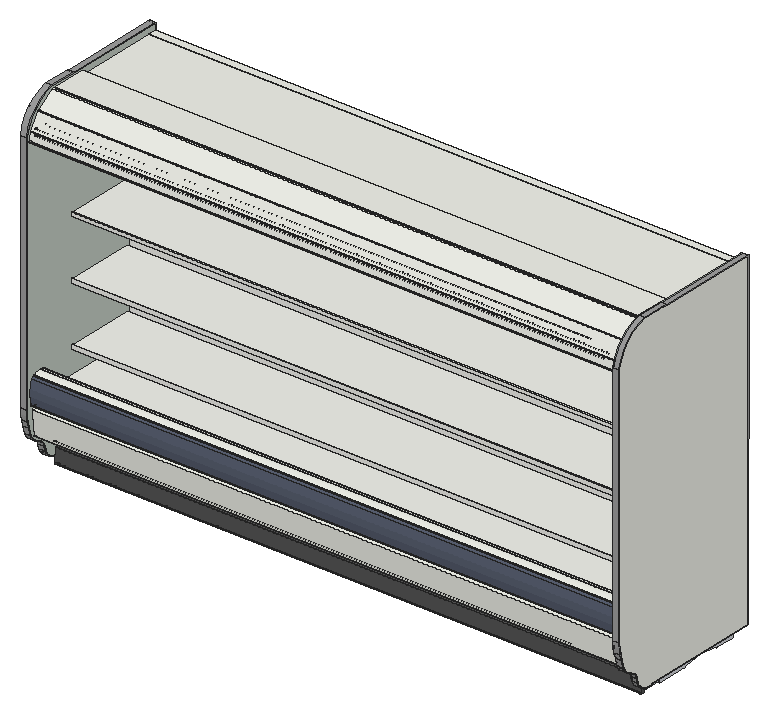
Revit family "ID5NM_2014", category Specialty Equipment, Revit 2014 (continued)
Automatic sketch dimensions
  Extrusion 13 sketch curve to Extrusion 13 sketch curve = 4.20045"
  plane 12 to Extrusion 13 sketch curve = 5.74534"
  plane 12 to Extrusion 13 sketch curve = 7.76404"
  plane 3 "Top" to Extrusion 13 sketch curve = 0.98375"
  plane 3 "Top" to Extrusion 13 sketch curve = 0.79375"
  plane 5 "Front" to Extrusion 13 sketch curve = 1.98246"
  Extrusion 13 sketch curve to Extrusion 13 sketch curve = 0.35556"
  plane 5 "Front" to Extrusion 13 sketch curve = 7.08077"
  Extrusion 13 sketch curve to Extrusion 13 sketch curve = 1.06243"
  Extrusion 13 sketch curve to Extrusion 13 sketch curve = 6.35336"
  Extrusion 13 sketch curve to Extrusion 13 sketch curve = 1.05757"
  Extrusion 13 sketch curve to Extrusion 13 sketch curve = 6.58817"
  Extrusion 13 sketch curve to plane 1 "Back" = 0.2655"
  Extrusion 14 sketch curve to plane 5 "Front" = 0"
  level to Extrusion 14 sketch curve = 1.97125"
  Extrusion 14 sketch curve to Extrusion 14 sketch curve = 0.19"
  Extrusion 14 sketch curve to Extrusion 14 sketch curve = 2.09693"
  Extrusion 14 sketch curve to Extrusion 14 sketch curve = 0.481"
  Extrusion 14 sketch curve to Extrusion 14 sketch curve = 2.99475"
  Extrusion 14 sketch curve to Extrusion 14 sketch curve = 1.25271"
  plane 5 "Front" to Extrusion 14 sketch curve = 3.3026"
  Extrusion 14 sketch curve to Extrusion 14 sketch curve = 1.72733"
  plane 5 "Front" to Extrusion 14 sketch curve = 2.03842"
  Extrusion 14 sketch curve to Extrusion 14 sketch curve = 0.66781"
  plane 5 "Front" to Extrusion 14 sketch curve = 0.52153"
  Extrusion 14 sketch curve to Extrusion 14 sketch curve = 1.63996"
  Extrusion 14 sketch curve to Extrusion 14 sketch curve = 1.33531"
  Extrusion 14 sketch curve to Extrusion 14 sketch curve = 2.00603"
  Extrusion 14 sketch curve to plane 11 = 8.70553"
  Extrusion 14 sketch curve to plane 5 "Front" = 0.7745"
  Extrusion 14 sketch curve to Extrusion 14 sketch curve = 4.20045"
  plane 12 to Extrusion 14 sketch curve = 5.74534"
  plane 12 to Extrusion 14 sketch curve = 7.76404"
  plane 3 "Top" to Extrusion 14 sketch curve = 0.98375"
  plane 3 "Top" to Extrusion 14 sketch curve = 0.79375"
  plane 5 "Front" to Extrusion 14 sketch curve = 1.98246"
  Extrusion 14 sketch curve to Extrusion 14 sketch curve = 0.35556"
  plane 5 "Front" to Extrusion 14 sketch curve = 7.08077"
  Extrusion 14 sketch curve to Extrusion 14 sketch curve = 1.06243"
  Extrusion 14 sketch curve to Extrusion 14 sketch curve = 6.35336"
  Extrusion 14 sketch curve to Extrusion 14 sketch curve = 1.05757"
  Extrusion 14 sketch curve to Extrusion 14 sketch curve = 6.58817"
  Extrusion 14 sketch curve to plane 1 "Back" = 0.2655"
  Sweep 15 sketch curve to plane 5 "Front" = 0"
  level to Sweep 15 sketch curve = 1.97125"
  Sweep 15 sketch curve to Sweep 15 sketch curve = 0.19"
  Sweep 15 sketch curve to Sweep 15 sketch curve = 2.09693"
  Sweep 15 sketch curve to Sweep 15 sketch curve = 0.481"
  Sweep 15 sketch curve to Sweep 15 sketch curve = 2.99475"
  Sweep 15 sketch curve to Sweep 15 sketch curve = 1.25271"
  plane 5 "Front" to Sweep 15 sketch curve = 3.3026"
  Sweep 15 sketch curve to Sweep 15 sketch curve = 1.72733"
  plane 5 "Front" to Sweep 15 sketch curve = 2.03842"
  Sweep 15 sketch curve to Sweep 15 sketch curve = 0.66781"
  plane 5 "Front" to Sweep 15 sketch curve = 0.52153"
  Sweep 15 sketch curve to Sweep 15 sketch curve = 1.63996"
  Sweep 15 sketch curve to Sweep 15 sketch curve = 2.97528"
  Sweep 15 sketch curve to Sweep 15 sketch curve = 2.00603"
  Sweep 15 sketch curve to plane 11 = 8.70553"
  Sweep 15 sketch curve to plane 5 "Front" = 0.7745"
  Sweep 15 sketch curve to Sweep 15 sketch curve = 4.20045"
  plane 12 to Sweep 15 sketch curve = 5.74534"
  plane 12 to Sweep 15 sketch curve = 7.76404"
  plane 3 "Top" to Sweep 15 sketch curve = 0.98375"
  plane 3 "Top" to Sweep 15 sketch curve = 0.79375"
  plane 5 "Front" to Sweep 15 sketch curve = 1.98246"
  Sweep 15 sketch curve to Sweep 15 sketch curve = 0.35556"
  plane 5 "Front" to Sweep 15 sketch curve = 7.08077"
  Sweep 15 sketch curve to Sweep 15 sketch curve = 1.06243"
  Sweep 15 sketch curve to Sweep 15 sketch curve = 6.35336"
  Sweep 15 sketch curve to Sweep 15 sketch curve = 1.05757"
  Sweep 15 sketch curve to Sweep 15 sketch curve = 6.58817"
  Sweep 15 sketch curve to plane 1 "Back" = 0.2655"
  Sweep 15 sketch curve to profile plane = 0"
  profile plane to Sweep 15 sketch curve = 1/16"
  plane 3 "Top" to curve 11 = 0.73125"
  plane 3 "Top" to curve 13 = 0.73125"
  curve 15 to level = 0"
  Extrusion 1 sketch curve to Extrusion 1 sketch curve = 0"  (x2)
  Extrusion 2 sketch curve to Extrusion 2 sketch curve = 0"
  Extrusion 3 sketch curve to Extrusion 3 sketch curve = 0"
  curve 2 to plane 5 "Front" = 0"
  plane 1 "Back" to curve 2 = 0"
  plane 1 "Back" to curve 1 = 0"
  Extrusion 8 sketch curve to plane 1 "Back" = 0"
  plane 1 "Back" to Extrusion 8 sketch curve = 1.99786"
  Extrusion 8 sketch curve to Extrusion 8 sketch curve = 0.0964"
  plane 1 "Back" to Extrusion 8 sketch curve = 6.54791"
  Extrusion 8 sketch curve to Extrusion 8 sketch curve = 0.00069"
  plane 1 "Back" to Extrusion 8 sketch curve = 8.75359"
  Extrusion 8 sketch curve to Extrusion 8 sketch curve = 0.1737"
  level to Extrusion 8 sketch curve = 5.52638"
  Extrusion 8 sketch curve to Extrusion 8 sketch curve = 9.93657"
  Extrusion 8 sketch curve to plane 11 = 8.62857"
  Extrusion 8 sketch curve to Extrusion 8 sketch curve = 1.73595"
  plane 3 "Top" to Extrusion 8 sketch curve = 1.30478"
  plane 5 "Front" to Extrusion 8 sketch curve = 16.22892"
  plane 3 "Top" to Extrusion 8 sketch curve = 5.36847"
  Extrusion 8 sketch curve to Extrusion 8 sketch curve = 2.92056"
  plane 3 "Top" to Extrusion 8 sketch curve = 7.15378"
  Extrusion 8 sketch curve to Extrusion 8 sketch curve = 0.01558"
  Extrusion 8 sketch curve to Extrusion 8 sketch curve = 1.24916"
  plane 5 "Front" to Extrusion 8 sketch curve = 8 1/2"
  level to Extrusion 8 sketch curve = 5.48308"
  Extrusion 8 sketch curve to Extrusion 8 sketch curve = 0.0435"
  Extrusion 8 sketch curve to Extrusion 8 sketch curve = 3.62689"
  plane 3 "Top" to Extrusion 8 sketch curve = 4.7903"
  Extrusion 8 sketch curve to Extrusion 8 sketch curve = 0.03928"
  Extrusion 8 sketch curve to Extrusion 8 sketch curve = 0.07068"
  Extrusion 8 sketch curve to Extrusion 8 sketch curve = 0.83066"
  Extrusion 8 sketch curve to Extrusion 8 sketch curve = 0.9818"
  level to Extrusion 8 sketch curve = 5.8045"
  Extrusion 8 sketch curve to Extrusion 8 sketch curve = 0.10956"
  Extrusion 8 sketch curve to Extrusion 8 sketch curve = 0.24437"
  Extrusion 8 sketch curve to Extrusion 8 sketch curve = 0.04406"
  Extrusion 8 sketch curve to Extrusion 8 sketch curve = 0.0236"
  Extrusion 8 sketch curve to Extrusion 8 sketch curve = 0.10114"
  plane 3 "Top" to Extrusion 8 sketch curve = 1.38791"
  Extrusion 8 sketch curve to Extrusion 8 sketch curve = 0.27608"
  plane 5 "Front" to Extrusion 8 sketch curve = 6.60093"
  Extrusion 8 sketch curve to Extrusion 8 sketch curve = 2.60127"
  Extrusion 8 sketch curve to Extrusion 8 sketch curve = 0.25591"
  Extrusion 8 sketch curve to Extrusion 8 sketch curve = 0.08032"
  plane 5 "Front" to Extrusion 8 sketch curve = 5.44686"
  Extrusion 8 sketch curve to Extrusion 8 sketch curve = 0.04464"
  Extrusion 8 sketch curve to plane 11 = 2.1205"
  Extrusion 8 sketch curve to Extrusion 8 sketch curve = 0.15808"
  Extrusion 8 sketch curve to Extrusion 8 sketch curve = 0.12496"  (x6)
  Extrusion 8 sketch curve to plane 11 = 2.08108"
  Extrusion 8 sketch curve to Extrusion 8 sketch curve = 0.02062"
  Extrusion 8 sketch curve to Extrusion 8 sketch curve = 0.07097"
  Extrusion 8 sketch curve to Extrusion 8 sketch curve = 0.5626"
  Extrusion 8 sketch curve to plane 11 = 1.17204"
  Extrusion 8 sketch curve to Extrusion 8 sketch curve = 0.92885"
  Extrusion 8 sketch curve to plane 11 = 1.15227"
  Extrusion 8 sketch curve to Extrusion 8 sketch curve = 0.03986"
  Extrusion 8 sketch curve to Extrusion 8 sketch curve = 0.01049"  (x2)
  Extrusion 8 sketch curve to Extrusion 8 sketch curve = 0.63304"
  Extrusion 8 sketch curve to plane 11 = 1.01759"
  Extrusion 8 sketch curve to Extrusion 8 sketch curve = 0.91399"
  Extrusion 8 sketch curve to Extrusion 8 sketch curve = 0.12194"
  Extrusion 8 sketch curve to Extrusion 8 sketch curve = 2.5371"
  plane 5 "Front" to Extrusion 8 sketch curve = 2.65027"
  Extrusion 8 sketch curve to Extrusion 8 sketch curve = 0.02649"
  Extrusion 8 sketch curve to Extrusion 8 sketch curve = 0.08899"
  Extrusion 8 sketch curve to Extrusion 8 sketch curve = 0.00595"
  Extrusion 8 sketch curve to Extrusion 8 sketch curve = 0.14678"
  Extrusion 8 sketch curve to Extrusion 8 sketch curve = 1.50803"
  Extrusion 8 sketch curve to Extrusion 8 sketch curve = 0.43737"
  Extrusion 8 sketch curve to Extrusion 8 sketch curve = 0.06247"  (x2)
  Extrusion 8 sketch curve to Extrusion 8 sketch curve = 1/16"  (x3)
  plane 5 "Front" to Extrusion 8 sketch curve = 1.57035"
  Extrusion 8 sketch curve to Extrusion 8 sketch curve = 0.25051"
  plane 5 "Front" to Extrusion 8 sketch curve = 1.50534"
  Extrusion 8 sketch curve to Extrusion 8 sketch curve = 0.07562"
  Extrusion 8 sketch curve to Extrusion 8 sketch curve = 0.06207"
  Extrusion 8 sketch curve to Extrusion 8 sketch curve = 0.07901"
  Extrusion 8 sketch curve to Extrusion 8 sketch curve = 0.04253"
  Extrusion 8 sketch curve to Extrusion 8 sketch curve = 0.0782"
  Extrusion 8 sketch curve to Extrusion 8 sketch curve = 0.18394"
  Extrusion 8 sketch curve to Extrusion 8 sketch curve = 0.1844"
  Extrusion 8 sketch curve to Extrusion 8 sketch curve = 0.04004"
  Extrusion 8 sketch curve to Extrusion 8 sketch curve = 0.04946"
  Extrusion 8 sketch curve to Extrusion 8 sketch curve = 0.04998"
  Extrusion 8 sketch curve to Extrusion 8 sketch curve = 0.01494"
  Extrusion 8 sketch curve to Extrusion 8 sketch curve = 0.03757"
  Extrusion 8 sketch curve to Extrusion 8 sketch curve = 0.10638"
  Extrusion 8 sketch curve to Extrusion 8 sketch curve = 0.03482"  (x2)
  Extrusion 8 sketch curve to Extrusion 8 sketch curve = 0.11431"
  Extrusion 8 sketch curve to Extrusion 8 sketch curve = 0.03433"
  Extrusion 8 sketch curve to Extrusion 8 sketch curve = 0.34559"
  Extrusion 8 sketch curve to Extrusion 8 sketch curve = 0.05107"
  Extrusion 8 sketch curve to Extrusion 8 sketch curve = 0.169"
  Extrusion 8 sketch curve to Extrusion 8 sketch curve = 0.52426"
  Extrusion 8 sketch curve to Extrusion 8 sketch curve = 0.13654"
  Extrusion 8 sketch curve to Extrusion 8 sketch curve = 0.47025"
  Extrusion 8 sketch curve to Extrusion 8 sketch curve = 0.03762"
  Extrusion 8 sketch curve to Extrusion 8 sketch curve = 0.01238"
  Extrusion 8 sketch curve to Extrusion 8 sketch curve = 0.08458"
  Extrusion 8 sketch curve to Extrusion 8 sketch curve = 0"  (x9)
  plane 5 "Front" to Extrusion 8 sketch curve = 0.5069"
  plane 5 "Front" to Extrusion 8 sketch curve = 0.4215"
  plane 5 "Front" to Extrusion 8 sketch curve = 0.2895"
  Extrusion 8 sketch curve to Extrusion 8 sketch curve = 0.17625"
  Extrusion 8 sketch curve to Extrusion 8 sketch curve = 0.02626"
  Extrusion 8 sketch curve to Extrusion 8 sketch curve = 0.09359"
  Extrusion 8 sketch curve to plane 5 "Front" = 0.08748"
  Extrusion 8 sketch curve to Extrusion 8 sketch curve = 0.09358"  (x2)
  Extrusion 8 sketch curve to Extrusion 8 sketch curve = 0.02841"
  Extrusion 8 sketch curve to Extrusion 8 sketch curve = 2.59172"
  Extrusion 8 sketch curve to Extrusion 8 sketch curve = 0.02046"
  Extrusion 8 sketch curve to Extrusion 8 sketch curve = 3.1084"
  Extrusion 8 sketch curve to Extrusion 8 sketch curve = 0.09951"
  Extrusion 8 sketch curve to Extrusion 8 sketch curve = 4.65045"
  Extrusion 8 sketch curve to Extrusion 8 sketch curve = 4.2928"
  Extrusion 8 sketch curve to Extrusion 8 sketch curve = 1.74618"
  Extrusion 8 sketch curve to Extrusion 8 sketch curve = 0.00221"
  Extrusion 8 sketch curve to Extrusion 8 sketch curve = 0.16989"
  Extrusion 8 sketch curve to Extrusion 8 sketch curve = 0.37079"
  Extrusion 8 sketch curve to Extrusion 8 sketch curve = 0.19934"
  Extrusion 8 sketch curve to Extrusion 8 sketch curve = 0.28991"  (x2)
  Extrusion 8 sketch curve to Extrusion 8 sketch curve = 0.26188"
  Extrusion 8 sketch curve to Extrusion 8 sketch curve = 0.38576"
  Extrusion 8 sketch curve to Extrusion 8 sketch curve = 0.80908"
  Extrusion 8 sketch curve to Extrusion 8 sketch curve = 1.00012"
  Extrusion 8 sketch curve to Extrusion 8 sketch curve = 1.985"
  Extrusion 8 sketch curve to Extrusion 8 sketch curve = 0.93288"
  Extrusion 8 sketch curve to plane 11 = 1.94207"
  Extrusion 8 sketch curve to Extrusion 8 sketch curve = 0.37865"
  Extrusion 8 sketch curve to Extrusion 8 sketch curve = 0.0641"
  Extrusion 8 sketch curve to Extrusion 8 sketch curve = 0.00727"
  Extrusion 8 sketch curve to Extrusion 8 sketch curve = 0.07122"
  Extrusion 8 sketch curve to Extrusion 8 sketch curve = 0.02083"
  plane 12 to Extrusion 8 sketch curve = 6.01439"
  Extrusion 8 sketch curve to Extrusion 8 sketch curve = 0.16747"
  Extrusion 8 sketch curve to Extrusion 8 sketch curve = 0.03298"
  Extrusion 8 sketch curve to Extrusion 8 sketch curve = 0.04215"
  Extrusion 8 sketch curve to Extrusion 8 sketch curve = 0.12555"
  Extrusion 8 sketch curve to Extrusion 8 sketch curve = 0.42605"
  Extrusion 8 sketch curve to Extrusion 8 sketch curve = 0.0828"
  Extrusion 8 sketch curve to Extrusion 8 sketch curve = 0.47365"
  Extrusion 8 sketch curve to Extrusion 8 sketch curve = 0.38179"
  Extrusion 8 sketch curve to Extrusion 8 sketch curve = 0.04661"
  Extrusion 8 sketch curve to Extrusion 8 sketch curve = 0.21955"
  Extrusion 8 sketch curve to Extrusion 8 sketch curve = 0.50364"
  Extrusion 8 sketch curve to Extrusion 8 sketch curve = 0.28134"
  Extrusion 8 sketch curve to Extrusion 8 sketch curve = 0.04648"
  Extrusion 8 sketch curve to Extrusion 8 sketch curve = 0.1387"
  Extrusion 8 sketch curve to Extrusion 8 sketch curve = 0.17663"
  Extrusion 8 sketch curve to Extrusion 8 sketch curve = 0.16246"
  Extrusion 8 sketch curve to Extrusion 8 sketch curve = 0.04493"
  Extrusion 8 sketch curve to Extrusion 8 sketch curve = 0.21669"
  Extrusion 8 sketch curve to Extrusion 8 sketch curve = 0.24947"
  Extrusion 8 sketch curve to Extrusion 8 sketch curve = 0.27443"
  Extrusion 8 sketch curve to Extrusion 8 sketch curve = 0.00008"
  Extrusion 8 sketch curve to Extrusion 8 sketch curve = 0.77611"
  Extrusion 8 sketch curve to Extrusion 8 sketch curve = 0.28213"
  Extrusion 8 sketch curve to Extrusion 8 sketch curve = 0.01213"
  Extrusion 8 sketch curve to Extrusion 8 sketch curve = 3.26984"
  Extrusion 8 sketch curve to Extrusion 8 sketch curve = 0.05994"
  Extrusion 8 sketch curve to Extrusion 8 sketch curve = 0.0911"
  Extrusion 8 sketch curve to Extrusion 8 sketch curve = 0.00974"
  Extrusion 8 sketch curve to Extrusion 8 sketch curve = 0.04"
  Extrusion 8 sketch curve to Extrusion 8 sketch curve = 1.47242"
  plane 3 "Top" to Extrusion 8 sketch curve = 2.42685"
  Extrusion 8 sketch curve to Extrusion 8 sketch curve = 1.09208"
  Extrusion 8 sketch curve to Extrusion 8 sketch curve = 0.89268"
  Extrusion 8 sketch curve to Extrusion 8 sketch curve = 4.28089"
  Extrusion 8 sketch curve to Extrusion 8 sketch curve = 0.28856"
  Extrusion 8 sketch curve to Extrusion 8 sketch curve = 1.06233"
  Extrusion 8 sketch curve to Extrusion 8 sketch curve = 0.12668"
  Extrusion 8 sketch curve to Extrusion 8 sketch curve = 0.00345"  (x2)
  Extrusion 8 sketch curve to Extrusion 8 sketch curve = 0.00109"  (x2)
  Extrusion 8 sketch curve to Extrusion 8 sketch curve = 0.05098"
  Extrusion 8 sketch curve to Extrusion 8 sketch curve = 0.00172"
  Extrusion 8 sketch curve to Extrusion 8 sketch curve = 0.00559"
  Extrusion 8 sketch curve to Extrusion 8 sketch curve = 0.02095"
  Extrusion 8 sketch curve to Extrusion 8 sketch curve = 0.10668"
  Extrusion 8 sketch curve to Extrusion 8 sketch curve = 0.0442"
  Extrusion 8 sketch curve to Extrusion 8 sketch curve = 0.04117"
  Extrusion 8 sketch curve to Extrusion 8 sketch curve = 0.00017"  (x2)
  Extrusion 8 sketch curve to Extrusion 8 sketch curve = 0.04387"
  Extrusion 8 sketch curve to Extrusion 8 sketch curve = 0.06206"
  Extrusion 8 sketch curve to Extrusion 8 sketch curve = 0.01344"
  Extrusion 8 sketch curve to Extrusion 8 sketch curve = 0.02375"
  Extrusion 8 sketch curve to Extrusion 8 sketch curve = 0.02374"
  Extrusion 8 sketch curve to Extrusion 8 sketch curve = 0.1984"
  Extrusion 8 sketch curve to Extrusion 8 sketch curve = 0.01108"
  Extrusion 8 sketch curve to Extrusion 8 sketch curve = 0.00002"
  Extrusion 8 sketch curve to Extrusion 8 sketch curve = 0.12438"
  Extrusion 8 sketch curve to Extrusion 8 sketch curve = 1.079"
  Extrusion 8 sketch curve to Extrusion 8 sketch curve = 0.15995"
  Extrusion 4 sketch curve to Extrusion 4 sketch curve = 0.60728"
  Extrusion 4 sketch curve to Extrusion 4 sketch curve = 0.22444"
  Extrusion 4 sketch curve to Extrusion 4 sketch curve = 0.37865"
  Extrusion 4 sketch curve to Extrusion 4 sketch curve = 0.60618"
  Extrusion 4 sketch curve to Extrusion 4 sketch curve = 0.83399"
  Extrusion 4 sketch curve to Extrusion 4 sketch curve = 0.19121"
  Extrusion 4 sketch curve to Extrusion 4 sketch curve = 0.49264"
  Extrusion 4 sketch curve to Extrusion 4 sketch curve = 0.39011"
  Extrusion 4 sketch curve to plane 11 = 8.16395"
  Extrusion 4 sketch curve to Extrusion 4 sketch curve = 2.25301"
  Extrusion 4 sketch curve to Extrusion 4 sketch curve = 7.86466"
  Extrusion 4 sketch curve to Extrusion 4 sketch curve = 0.5616"
  plane 5 "Front" to Extrusion 6 sketch curve = 8.05013"
  plane 5 "Front" to Extrusion 16 sketch curve = 7.51191"
  Extrusion 16 sketch curve to Extrusion 16 sketch curve = 0.02497"
  Extrusion 16 sketch curve to Extrusion 16 sketch curve = 0.03495"  (x2)
  Extrusion 16 sketch curve to Extrusion 16 sketch curve = 0.01498"  (x2)
  level to Extrusion 16 sketch curve = 4.57538"
  Extrusion 16 sketch curve to Extrusion 16 sketch curve = 0.00999"
  Extrusion 16 sketch curve to Extrusion 16 sketch curve = 0.00865"  (x2)
  Extrusion 16 sketch curve to Extrusion 16 sketch curve = 0.58691"
  Extrusion 16 sketch curve to Extrusion 16 sketch curve = 0.65722"
  Extrusion 16 sketch curve to Extrusion 16 sketch curve = 0.9866"
  level to Extrusion 16 sketch curve = 2.13814"
Nested families (in)
  nested 1: "Floor Support-Skid-ID5NM" at (16.91797, 0, 0), visible <- "Supports", type "Floor Support-Skid"
  nested 2: "Floor Support-Skid-ID5NM" at (-31.08203, 0, 0), visible <- "Supports", type "Floor Support-Skid"
  nested 3: "Floor Support-Side Skid-ID5NM" at (-79.33203, 0, 0), type "Floor Support-Side Skid"
  nested 4: "Floor Support-Side Skid-ID5NM" at (69.21806, 0, 0) x (-1, 0, 0) z (0, 0, 1), type "Floor Support-Side Skid"
  nested 5: "Shelf" at (0, -7.90747, 19.25), visible <- "Shelf", type "Shelf"
    with Width 144 1/2", Depth 18"
  nested 6: "Shelf" at (0, -7.90747, 63.25), visible <- "Shelf", type "Shelf"
    with Width 144 1/2", Depth 18"
  nested 7: "Shelf" at (0, -7.90747, 33.91667), visible <- "Shelf", type "Shelf"
    with Width 144 1/2", Depth 18"
  nested 8: "Shelf" at (0, -7.90747, 48.58333), visible <- "Shelf", type "Shelf"
    with Width 144 1/2", Depth 18"
  nested 9: "Floor Support-Skid-ID5NM" at (-7.08203, 0, 0), visible <- "Center Support 2", type "Floor Support-Skid"
  nested 10: "Light" at (-5.05699, -21.22867, 23.57502), type "Light"
  nested 11: "Light" at (-5.05699, -16.29946, 15.25), visible <- "Shelf Lights", type "Light"
  nested 12: "Light" at (-5.05699, -16.29946, 0.58333), visible <- "Shelf Lights", type "Light"
  nested 13: "Light" at (-5.05699, -16.29946, -14.08333), visible <- "Shelf Lights", type "Light"
  nested 14: "Light" at (-5.05699, -16.29946, -28.75), visible <- "Shelf Lights", type "Light"
  nested 15: "Floor Support-Skid-ID5NM" at (-7.08203, 0, 0), visible <- "Center Support 1", type "Floor Support-Skid"
Connectors (in)
  piping at (-4.80699, -28.63243, 0), diameter 1.25, driven by "Waste Drain"
    settings: on Extrusion 1, index 8, connector inside diameter 1 1/4", connector length 0", flow factor 0, pipe flow 0 GPM, pressure drop 0.00 psi, fitting loss kfactor 0, connector angle 0.00°, fixture units 0, engagement length 0", angle of deflection 0.00°, flow configuration 0, flow direction 0, fitting loss method 0, system type 16, joint type 0, gender type 0, connector reference index -1, connector utility 0, adjustable connector no, is connector primary yes, connector description "1 1/4\""
  piping at (57.88875, -23.8707, 0), diameter 0.875, driven by "Refrig. Suction", driven by "Refrigeration Lines Suction"
    settings: on Extrusion 2, index 9, connector inside diameter 7/8", connector length 0", flow factor 0, pipe flow 0 GPM, pressure drop 0.00 psi, fitting loss kfactor 0, connector angle 0.00°, fixture units 0, engagement length 0", angle of deflection 0.00°, flow configuration 0, flow direction 2, fitting loss method 0, system type 22, joint type 0, gender type 0, connector reference index -1, connector utility 0, adjustable connector no, is connector primary no, connector description "Suction"
  piping at (58.51375, -23.8707, 0), diameter 0.375, driven by "Refrig. Liquid", driven by "Refrigeration Lines Liquid"
    settings: on Extrusion 3, index 10, connector inside diameter 3/8", connector length 0", flow factor 0, pipe flow 0 GPM, pressure drop 0.00 psi, fitting loss kfactor 0, connector angle 0.00°, fixture units 0, engagement length 0", angle of deflection 0.00°, flow configuration 0, flow direction 1, fitting loss method 0, system type 22, joint type 0, gender type 0, connector reference index -1, connector utility 0, adjustable connector no, is connector primary no, connector description "Liquid"
Definition of nested family "Floor Support-Skid-ID5NM"
  Parameters (values of type "Floor Support-Skid")
    Width = 8 69/128"
    URL = "www.hussmann.com"
    Type Comments = ""
    Revit Family Date = "11/19/2015"  # constant formula
    Model = ""
    Manufacturer = "Hussmann Corporation"
    Height = 10.26407"
    Floor Support = none
    Description = ""
    Depth = 30 1/8"
    Assembly Code = ""
    Accessories/Options = ""
  Reference planes (in)
    plane 1 "Back": y = 0
    plane 2 "Bottom": z = 0
    plane 3 "Left": x = -2.24449
    plane 4 "Right": x = 6.29458
    plane 5 "Center (Left/Right)": x = 2.02504
    plane 6 "Top": z = 10.07234
    plane 7 "Front": y = -30.125
  Forms (in)
    Extrusion 1, solid, material <- "Floor Support"
      sketch origin (0, 0, 0) x (1, 0, 0) y (0, 1, 0)
        loop
          arc (-1.84856, -24.01209) -> (-1.76638, -24.40887) -> (-1.53436, -24.74108) r 1.0063
          arc (-1.53436, -24.74108) -> (-1.06022, -25.04419) -> (-0.50754, -25.15025) r 1.49298
          line (-0.50754, -25.15025) -> (0.83286, -25.15025) -> (0.83286, -29.96975) -> (0.98811, -29.96975) -> (0.98811, -30.125) -> (3.06198, -30.125) -> (3.06198, -29.96975) -> (3.21723, -29.96975) -> (3.21723, -25.15025) -> (4.55763, -25.15025)
          arc (4.55763, -25.15025) -> (5.1103, -25.04419) -> (5.58445, -24.74108) r 1.49298
          arc (5.58445, -24.74108) -> (5.81647, -24.40887) -> (5.89865, -24.01209) r 1.0063
          line (5.89865, -24.01209) -> (5.89865, -8.43365) -> (6.27216, -0.41124)
          spline (6.27216, -0.41124) -> (6.27201, -0.40316) -> (6.2708, -0.39521) -> (6.26855, -0.38753) -> (6.26531, -0.38026) -> (6.26113, -0.37352) -> (6.25607, -0.36743) -> (6.25023, -0.36209) -> (6.24371, -0.35759) -> (6.23662, -0.354) -> (6.22907, -0.3514) -> (6.2212, -0.34982) -> (6.21314, -0.34929)
          line (6.21314, -0.34929) -> (5.59528, -0.34929)
          spline (5.59528, -0.34929) -> (5.58653, -0.34975) -> (5.57786, -0.34899) -> (5.56944, -0.34701) -> (5.56144, -0.34384) -> (5.55402, -0.33957) -> (5.54733, -0.33426) -> (5.54149, -0.32802) -> (5.53664, -0.32099) -> (5.53285, -0.31329) -> (5.53021, -0.30508) -> (5.52877, -0.29653) -> (5.52856, -0.28781)
          line (5.52856, -0.28781) -> (5.53324, -0.18715)
          spline (5.53324, -0.18715) -> (5.53278, -0.16271) -> (5.52913, -0.1387) -> (5.52236, -0.11552) -> (5.51259, -0.09356) -> (5.49997, -0.07321) -> (5.48474, -0.0548) -> (5.46713, -0.03866) -> (5.44747, -0.02507) -> (5.42607, -0.01424) -> (5.40332, -0.00638) -> (5.37959, -0.0016) -> (5.3553, 0.00121)
          line (5.3553, 0.00121) -> (-1.30521, 0)
          spline (-1.30521, 0) -> (-1.3295, -0.0016) -> (-1.35323, -0.00638) -> (-1.37598, -0.01424) -> (-1.39738, -0.02507) -> (-1.41704, -0.03866) -> (-1.43465, -0.0548) -> (-1.44988, -0.07321) -> (-1.4625, -0.09356) -> (-1.47227, -0.11552) -> (-1.47904, -0.1387) -> (-1.48269, -0.16271) -> (-1.48315, -0.18715)
          line (-1.48315, -0.18715) -> (-1.47846, -0.28781)
          spline (-1.47846, -0.28781) -> (-1.47861, -0.2959) -> (-1.47982, -0.30386) -> (-1.48207, -0.31153) -> (-1.48531, -0.3188) -> (-1.4895, -0.32554) -> (-1.49456, -0.33163) -> (-1.5004, -0.33698) -> (-1.50692, -0.34148) -> (-1.51402, -0.34506) -> (-1.52157, -0.34766) -> (-1.52944, -0.34924) -> (-1.5375, -0.34976)
          line (-1.5375, -0.34976) -> (-2.15535, -0.34976)
          spline (-2.15535, -0.34976) -> (-2.1641, -0.34929) -> (-2.17277, -0.35006) -> (-2.18119, -0.35204) -> (-2.18919, -0.3552) -> (-2.19661, -0.35948) -> (-2.2033, -0.36479) -> (-2.20914, -0.37103) -> (-2.214, -0.37806) -> (-2.21778, -0.38576) -> (-2.22042, -0.39397) -> (-2.22186, -0.40252) -> (-2.22207, -0.41124)
          line (-2.22207, -0.41124) -> (-1.84856, -8.43365) -> (-1.84856, -24.01209)
      from 0 to 10.07234
    Extrusion 2, void
      sketch origin (2.02504, 0, 0) x (0, 1, 0) y (0, 0, 1)
        loop
          line (-27.08416, 3.5472) -> (-27.13117, 4.08456)
          arc (-27.13117, 4.08456) -> (-27.16151, 4.17154) -> (-27.22961, 4.23357) r 0.18744
          line (-27.22961, 4.23357) -> (-29.46436, 5.42681) -> (-29.7666, 5.42681) -> (-30.125, 5.42681) -> (-30.125, 1.11195) -> (-27.98051, 2.76917) -> (-27.01609, 2.76917) -> (-27.05014, 3.15832) -> (-27.08416, 3.5472)
        loop
          line (-0.26803, 10.07234) -> (-30.125, 10.07234) -> (-30.125, 5.56429) -> (-8.75359, 5.56429) -> (-0.26803, 10.07234)
        loop
          arc (-7.78564, 0.25454) -> (-12.46182, 0.73178) -> (-17.138, 0.25454) r 23.14851
          arc (-17.138, 0.25454) -> (-17.18699, 0.23672) -> (-17.22881, 0.20559) r 0.17979
          line (-17.22881, 0.20559) -> (-17.3429, 0.0915)
          arc (-17.3429, 0.0915) -> (-17.44425, 0.02378) -> (-17.5638, 0) r 0.3124
          line (-17.5638, 0) -> (-7.35983, 0)
          arc (-7.35983, 0) -> (-7.47938, 0.02378) -> (-7.58074, 0.0915) r 0.3124
          line (-7.58074, 0.0915) -> (-7.69482, 0.20559)
          arc (-7.69482, 0.20559) -> (-7.73664, 0.23672) -> (-7.78564, 0.25454) r 0.17979
        loop
          arc (-2.66732, 0.30646) -> (-2.76056, 0.08944) -> (-2.97918, 0) r 0.3119
          line (-2.97918, 0) -> (0, 0) -> (0, 6.57447) -> (-2.54968, 4.02442)
          arc (-2.54968, 4.02442) -> (-2.58978, 3.96496) -> (-2.60469, 3.89481) r 0.18794
          line (-2.60469, 3.89481) -> (-2.60897, 3.6497) -> (-2.6115, 3.50443) -> (-2.61572, 3.26291) -> (-2.61988, 3.02455) -> (-2.66732, 0.30646)
      from -5.0404 to 5.77104
  Cuts and joins
    Extrusion 2 cuts Extrusion 1
  Dimensions and locks (in)
    equal spacing: plane 3 "Left", plane 5 "Center (Left/Right)", plane 4 "Right"
    "Width": plane 3 "Left" to plane 4 "Right"
    "Depth": plane 7 "Front" to plane 1 "Back"
    Extrusion 1 sketch curve to plane 1 "Back" = 30 1/8"
    aligned and locked: Extrusion 1 to plane 6 "Top"
    aligned and locked: Extrusion 1 to level
  Automatic sketch dimensions
    plane 1 "Back" to Extrusion 1 sketch curve = 0"  (x2)
    plane 3 "Left" to Extrusion 1 sketch curve = 0.02241"
    plane 3 "Left" to Extrusion 1 sketch curve = 0.08913"
    plane 3 "Left" to Extrusion 1 sketch curve = 0.39592"
    Extrusion 1 sketch curve to Extrusion 1 sketch curve = 0.61785"
    plane 1 "Back" to Extrusion 1 sketch curve = 0.18715"  (x2)
    Extrusion 1 sketch curve to Extrusion 1 sketch curve = 0.05436"
    Extrusion 1 sketch curve to Extrusion 1 sketch curve = 0.05904"
    Extrusion 1 sketch curve to Extrusion 1 sketch curve = 1.0063"
    Extrusion 1 sketch curve to Extrusion 1 sketch curve = 0.33472"  (x2)
    plane 7 "Front" to Extrusion 1 sketch curve = 0.15525"
    Extrusion 1 sketch curve to plane 5 "Center (Left/Right)" = 1.19219"
    Extrusion 1 sketch curve to Extrusion 1 sketch curve = 0.15525"  (x2)
    plane 5 "Center (Left/Right)" to Extrusion 1 sketch curve = 1.03693"
    plane 5 "Center (Left/Right)" to Extrusion 1 sketch curve = 1.19219"
    Extrusion 1 sketch curve to Extrusion 1 sketch curve = 1.3404"
    plane 1 "Back" to Extrusion 1 sketch curve = 0.28781"
    Extrusion 1 sketch curve to plane 4 "Right" = 0.76602"
    Extrusion 1 sketch curve to Extrusion 1 sketch curve = 0.00468"
    Extrusion 1 sketch curve to Extrusion 1 sketch curve = 0.06672"
    Extrusion 1 sketch curve to plane 4 "Right" = 0.39592"
    Extrusion 1 sketch curve to plane 4 "Right" = 0.08143"
    Extrusion 1 sketch curve to plane 4 "Right" = 0.02241"
    plane 7 "Front" to Extrusion 1 sketch curve = 4.97475"
    Extrusion 1 sketch curve to Extrusion 1 sketch curve = 0"  (x4)
    Extrusion 1 sketch curve to Extrusion 1 sketch curve = 1.13817"  (x2)
    Extrusion 1 sketch curve to Extrusion 1 sketch curve = 0.00152"  (x2)
    Extrusion 1 sketch curve to Extrusion 1 sketch curve = 0.35329"  (x2)
    Extrusion 1 sketch curve to Extrusion 1 sketch curve = 8.2465"
    plane 1 "Back" to Extrusion 1 sketch curve = 0.41124"  (x2)
    Extrusion 1 sketch curve to Extrusion 1 sketch curve = 0.06148"  (x2)
    Extrusion 1 sketch curve to Extrusion 1 sketch curve = 0.06195"  (x3)
    Extrusion 1 sketch curve to Extrusion 1 sketch curve = 0.00477"  (x2)
    Extrusion 1 sketch curve to Extrusion 1 sketch curve = 0.04498"  (x2)
    Extrusion 1 sketch curve to Extrusion 1 sketch curve = 0.10693"
    Extrusion 1 sketch curve to plane 1 "Back" = 0.00121"
    Extrusion 1 sketch curve to Extrusion 1 sketch curve = 0.17794"
    Extrusion 1 sketch curve to Extrusion 1 sketch curve = 0.18684"  (x2)
    Extrusion 1 sketch curve to Extrusion 1 sketch curve = 0.13319"
    Extrusion 1 sketch curve to Extrusion 1 sketch curve = 0.31536"
    Extrusion 1 sketch curve to Extrusion 1 sketch curve = 0.00891"
    Extrusion 1 sketch curve to Extrusion 1 sketch curve = 0.10692"
    plane 7 "Front" to Extrusion 2 sketch curve = 3.04084"
    level to Extrusion 2 sketch curve = 3.5472"
    Extrusion 2 sketch curve to Extrusion 2 sketch curve = 0.04701"
    Extrusion 2 sketch curve to Extrusion 2 sketch curve = 0.03402"
    Extrusion 2 sketch curve to Extrusion 2 sketch curve = 0.38888"
    Extrusion 2 sketch curve to Extrusion 2 sketch curve = 0.53736"
    Extrusion 2 sketch curve to Extrusion 2 sketch curve = 0.03405"
    Extrusion 2 sketch curve to Extrusion 2 sketch curve = 0.38915"
    Extrusion 2 sketch curve to Extrusion 2 sketch curve = 0.18673"
    Extrusion 2 sketch curve to Extrusion 2 sketch curve = 0.01634"
    Extrusion 2 sketch curve to Extrusion 2 sketch curve = 0.09844"
    plane 7 "Front" to Extrusion 2 sketch curve = 0.66064"
    Extrusion 2 sketch curve to Extrusion 2 sketch curve = 1.19324"
    Extrusion 2 sketch curve to Extrusion 2 sketch curve = 0.30224"
    Extrusion 2 sketch curve to Extrusion 2 sketch curve = 0.96442"
    Extrusion 2 sketch curve to plane 7 "Front" = 0"
    level to Extrusion 2 sketch curve = 1.11195"
    plane 6 "Top" to Extrusion 2 sketch curve = 0"
    plane 7 "Front" to Extrusion 2 sketch curve = 0"
    plane 1 "Back" to Extrusion 2 sketch curve = 8.75359"
    plane 1 "Back" to Extrusion 2 sketch curve = 0.26803"
    Extrusion 2 sketch curve to Extrusion 2 sketch curve = 0.13748"
    level to Extrusion 2 sketch curve = 0.3124"  (x2)
    Extrusion 2 sketch curve to Extrusion 2 sketch curve = 9.45229"
    level to Extrusion 2 sketch curve = 0.0915"  (x2)
    plane 1 "Back" to Extrusion 2 sketch curve = 12.46182"
    Extrusion 2 sketch curve to level = 22.41674"
    level to Extrusion 2 sketch curve = 0.20559"
    Extrusion 2 sketch curve to Extrusion 2 sketch curve = 0.11409"  (x2)
    Extrusion 2 sketch curve to Extrusion 2 sketch curve = 0.09081"  (x2)
    level to Extrusion 2 sketch curve = 0.25454"
    Extrusion 2 sketch curve to Extrusion 2 sketch curve = 0.96796"
    level to Extrusion 2 sketch curve = 0.07846"  (x2)
    plane 7 "Front" to Extrusion 2 sketch curve = 12.5612"
    plane 1 "Back" to Extrusion 2 sketch curve = 7.35983"
    Extrusion 2 sketch curve to level = 0"  (x5)
    Extrusion 2 sketch curve to Extrusion 2 sketch curve = 0"
    plane 1 "Back" to Extrusion 2 sketch curve = 2.6115"
    Extrusion 2 sketch curve to Extrusion 2 sketch curve = 0.00254"
    Extrusion 2 sketch curve to Extrusion 2 sketch curve = 0.14527"
    level to Extrusion 2 sketch curve = 0.30646"
    plane 1 "Back" to Extrusion 2 sketch curve = 2.66732"
    Extrusion 2 sketch curve to Extrusion 2 sketch curve = 0.00838"
    Extrusion 2 sketch curve to Extrusion 2 sketch curve = 0.00416"
    Extrusion 2 sketch curve to Extrusion 2 sketch curve = 0.00428"
    Extrusion 2 sketch curve to Extrusion 2 sketch curve = 0.05501"
    Extrusion 2 sketch curve to Extrusion 2 sketch curve = 0.47988"
    Extrusion 2 sketch curve to Extrusion 2 sketch curve = 0.23837"
    Extrusion 2 sketch curve to Extrusion 2 sketch curve = 0.24511"
    Extrusion 2 sketch curve to Extrusion 2 sketch curve = 0.12961"
    Extrusion 2 sketch curve to Extrusion 2 sketch curve = 2.55005"
    Extrusion 2 sketch curve to Extrusion 2 sketch curve = 0.18791"
    level to Extrusion 2 sketch curve = 0.3119"
    plane 7 "Front" to Extrusion 2 sketch curve = 27.14582"
    plane 6 "Top" to Extrusion 2 sketch curve = 3.49787"
    Extrusion 2 sketch curve to plane 1 "Back" = 0"
Definition of nested family "Floor Support-Side Skid-ID5NM"
  Parameters (values of type "Floor Support-Skid")
    Width = 8 69/128"
    URL = "www.hussmann.com"
    Type Comments = ""
    Revit Family Date = "11/19/2015"  # constant formula
    Model = ""
    Manufacturer = "Hussmann Corporation"
    Height = 10.26407"
    Floor Support = none
    Description = ""
    Depth = 30 1/8"
    Assembly Code = ""
    Accessories/Options = ""
  Reference planes (in)
    plane 1 "Back": y = 0
    plane 2 "Bottom": z = 0
    plane 3 "Right": x = 6.29458
    plane 4 "Center (Left/Right)": x = 2.02504
    plane 5 "Top": z = 10.07234
    plane 6 "Front": y = -30.125
  Forms (in)
    Extrusion 1, solid, material <- "Floor Support"
      sketch origin (0, 0, 0) x (1, 0, 0) y (0, 1, 0)
        loop
          line (6.22969, -0.34929) -> (5.59528, -0.34929)
          spline (5.59528, -0.34929) -> (5.58653, -0.34975) -> (5.57786, -0.34899) -> (5.56944, -0.34701) -> (5.56144, -0.34384) -> (5.55402, -0.33957) -> (5.54733, -0.33426) -> (5.54149, -0.32802) -> (5.53664, -0.32099) -> (5.53285, -0.31329) -> (5.53021, -0.30508) -> (5.52877, -0.29653) -> (5.52856, -0.28781)
          line (5.52856, -0.28781) -> (5.53324, -0.18715)
          spline (5.53324, -0.18715) -> (5.53278, -0.16271) -> (5.52913, -0.1387) -> (5.52236, -0.11552) -> (5.51259, -0.09356) -> (5.49997, -0.07321) -> (5.48474, -0.0548) -> (5.46713, -0.03866) -> (5.44747, -0.02507) -> (5.42607, -0.01424) -> (5.40332, -0.00638) -> (5.37959, -0.0016) -> (5.3553, 0)
          line (5.3553, 0) -> (2.02504, 0.00121) -> (2.02504, -25.15025) -> (2.42139, -25.15025) -> (2.42139, -29.96975) -> (2.57664, -29.96975) -> (2.57664, -30.125) -> (4.65051, -30.125) -> (4.65051, -29.96975) -> (4.80576, -29.96975) -> (4.80576, -25.15025) -> (4.41511, -25.15025)
          arc (4.41511, -25.15025) -> (5.47081, -24.71297) -> (5.9081, -23.65726) r 1.49299
          line (5.9081, -23.65726) -> (5.90865, -18.54879)
          spline (5.90865, -18.54879) -> (5.91078, -18.51633) -> (5.91711, -18.48444) -> (5.92755, -18.45365) -> (5.94192, -18.4245) -> (5.95997, -18.39747) -> (5.98139, -18.37304) -> (6.00582, -18.35162) -> (6.03284, -18.33357) -> (6.062, -18.31921) -> (6.09278, -18.30877) -> (6.12468, -18.30243) -> (6.15714, -18.3003)
          line (6.15714, -18.3003) -> (7.46385, -18.3003)
          spline (7.46385, -18.3003) -> (7.52878, -18.29606) -> (7.59257, -18.28338) -> (7.65414, -18.2625) -> (7.71245, -18.23377) -> (7.76649, -18.19767) -> (7.81535, -18.15483) -> (7.8582, -18.10597) -> (7.89429, -18.05192) -> (7.92303, -17.99361) -> (7.94391, -17.93204) -> (7.95658, -17.86825) -> (7.96083, -17.80333)
          line (7.96083, -17.80333) -> (7.96083, -16.80664)
          spline (7.96083, -16.80664) -> (7.95658, -16.74172) -> (7.94391, -16.67793) -> (7.92303, -16.61636) -> (7.89429, -16.55805) -> (7.8582, -16.50401) -> (7.81535, -16.45515) -> (7.76649, -16.4123) -> (7.71245, -16.3762) -> (7.65414, -16.34747) -> (7.59257, -16.32659) -> (7.52878, -16.31391) -> (7.46385, -16.30967)
          line (7.46385, -16.30967) -> (6.15714, -16.30967)
          spline (6.15714, -16.30967) -> (6.12468, -16.30754) -> (6.09278, -16.30121) -> (6.062, -16.29076) -> (6.03284, -16.2764) -> (6.00582, -16.25835) -> (5.98139, -16.23693) -> (5.95997, -16.2125) -> (5.94192, -16.18547) -> (5.92755, -16.15632) -> (5.91711, -16.12553) -> (5.91078, -16.09364) -> (5.90865, -16.06118)
          line (5.90865, -16.06118) -> (5.90865, -6.0446)
          spline (5.90865, -6.0446) -> (5.91078, -6.01214) -> (5.91711, -5.98024) -> (5.92755, -5.94945) -> (5.94192, -5.9203) -> (5.95997, -5.89328) -> (5.98139, -5.86885) -> (6.00582, -5.84743) -> (6.03284, -5.82938) -> (6.062, -5.81501) -> (6.09278, -5.80457) -> (6.12468, -5.79823) -> (6.15714, -5.79611)
          line (6.15714, -5.79611) -> (7.46385, -5.79611)
          spline (7.46385, -5.79611) -> (7.52878, -5.79186) -> (7.59257, -5.77919) -> (7.65414, -5.75831) -> (7.71245, -5.72957) -> (7.76649, -5.69347) -> (7.81535, -5.65063) -> (7.8582, -5.60177) -> (7.89429, -5.54773) -> (7.92303, -5.48942) -> (7.94391, -5.42785) -> (7.95658, -5.36405) -> (7.96083, -5.29913)
          line (7.96083, -5.29913) -> (7.96083, -4.30245)
          spline (7.96083, -4.30245) -> (7.95658, -4.23753) -> (7.94391, -4.17374) -> (7.92303, -4.11216) -> (7.89429, -4.05386) -> (7.8582, -3.99981) -> (7.81535, -3.95095) -> (7.76649, -3.90811) -> (7.71245, -3.87201) -> (7.65414, -3.84327) -> (7.59257, -3.82239) -> (7.52878, -3.80972) -> (7.46385, -3.80547)
          line (7.46385, -3.80547) -> (6.16143, -3.80547)
          arc (6.16143, -3.80547) -> (6.00848, -3.75417) -> (5.91445, -3.62308) r 0.26236
          line (5.91445, -3.62308) -> (6.28209, -0.41269)
          spline (6.28209, -0.41269) -> (6.28198, -0.40512) -> (6.28096, -0.39763) -> (6.27902, -0.39034) -> (6.27622, -0.38335) -> (6.27258, -0.37677) -> (6.26816, -0.3707) -> (6.26304, -0.36523) -> (6.25727, -0.36043) -> (6.25096, -0.35638) -> (6.24418, -0.35315) -> (6.23706, -0.35077) -> (6.22969, -0.34929)
      from 0 to 10.07234
    Extrusion 2, void
      sketch origin (2.02504, 0, 0) x (0, 1, 0) y (0, 0, 1)
        loop
          line (-27.08416, 3.5472) -> (-27.13117, 4.08456)
          arc (-27.13117, 4.08456) -> (-27.16151, 4.17154) -> (-27.22961, 4.23357) r 0.18744
          line (-27.22961, 4.23357) -> (-29.46436, 5.42681) -> (-29.7666, 5.42681) -> (-30.125, 5.42681) -> (-30.125, 1.11195) -> (-27.98051, 2.76917) -> (-27.01609, 2.76917) -> (-27.05014, 3.15832) -> (-27.08416, 3.5472)
        loop
          line (-0.26803, 10.07234) -> (-30.125, 10.07234) -> (-30.125, 5.56429) -> (-8.75359, 5.56429) -> (-0.26803, 10.07234)
        loop
          arc (-7.78564, 0.25454) -> (-12.46182, 0.73178) -> (-17.138, 0.25454) r 23.14851
          arc (-17.138, 0.25454) -> (-17.18699, 0.23672) -> (-17.22881, 0.20559) r 0.17979
          line (-17.22881, 0.20559) -> (-17.3429, 0.0915)
          arc (-17.3429, 0.0915) -> (-17.44425, 0.02378) -> (-17.5638, 0) r 0.3124
          line (-17.5638, 0) -> (-7.35983, 0)
          arc (-7.35983, 0) -> (-7.47938, 0.02378) -> (-7.58074, 0.0915) r 0.3124
          line (-7.58074, 0.0915) -> (-7.69482, 0.20559)
          arc (-7.69482, 0.20559) -> (-7.73664, 0.23672) -> (-7.78564, 0.25454) r 0.17979
        loop
          arc (-2.66732, 0.30646) -> (-2.76056, 0.08944) -> (-2.97918, 0) r 0.3119
          line (-2.97918, 0) -> (0, 0) -> (0, 6.57447) -> (-2.54968, 4.02442)
          arc (-2.54968, 4.02442) -> (-2.58978, 3.96496) -> (-2.60469, 3.89481) r 0.18794
          line (-2.60469, 3.89481) -> (-2.60897, 3.6497) -> (-2.6115, 3.50443) -> (-2.61572, 3.26291) -> (-2.61988, 3.02455) -> (-2.66732, 0.30646)
      from -32.66281 to 22.07797
  Cuts and joins
    Extrusion 2 cuts Extrusion 1
  Dimensions and locks (in)
    plane 4 "Center (Left/Right)" to plane 3 "Right" = 4 69/256"
    "Depth": plane 6 "Front" to plane 1 "Back"
    Extrusion 1 sketch curve to plane 1 "Back" = 30 1/8"
    aligned and locked: Extrusion 1 to plane 5 "Top"
    aligned and locked: Extrusion 1 to level
  Automatic sketch dimensions
    plane 6 "Front" to Extrusion 2 sketch curve = 3.04084"
    level to Extrusion 2 sketch curve = 3.5472"
    Extrusion 2 sketch curve to Extrusion 2 sketch curve = 0.04701"
    Extrusion 2 sketch curve to Extrusion 2 sketch curve = 0.03402"
    Extrusion 2 sketch curve to Extrusion 2 sketch curve = 0.38888"
    Extrusion 2 sketch curve to Extrusion 2 sketch curve = 0.53736"
    Extrusion 2 sketch curve to Extrusion 2 sketch curve = 0.03405"
    Extrusion 2 sketch curve to Extrusion 2 sketch curve = 0.38915"
    Extrusion 2 sketch curve to Extrusion 2 sketch curve = 0.18673"
    Extrusion 2 sketch curve to Extrusion 2 sketch curve = 0.01634"
    Extrusion 2 sketch curve to Extrusion 2 sketch curve = 0.09844"
    plane 6 "Front" to Extrusion 2 sketch curve = 0.66064"
    Extrusion 2 sketch curve to Extrusion 2 sketch curve = 1.19324"
    Extrusion 2 sketch curve to Extrusion 2 sketch curve = 0.30224"
    Extrusion 2 sketch curve to Extrusion 2 sketch curve = 0.96442"
    Extrusion 2 sketch curve to plane 6 "Front" = 0"
    level to Extrusion 2 sketch curve = 1.11195"
    plane 5 "Top" to Extrusion 2 sketch curve = 0"
    plane 6 "Front" to Extrusion 2 sketch curve = 0"
    plane 1 "Back" to Extrusion 2 sketch curve = 8.75359"
    plane 1 "Back" to Extrusion 2 sketch curve = 0.26803"
    Extrusion 2 sketch curve to Extrusion 2 sketch curve = 0.13748"
    level to Extrusion 2 sketch curve = 0.3124"  (x2)
    Extrusion 2 sketch curve to Extrusion 2 sketch curve = 9.45229"
    level to Extrusion 2 sketch curve = 0.0915"  (x2)
    plane 1 "Back" to Extrusion 2 sketch curve = 12.46182"
    Extrusion 2 sketch curve to level = 22.41674"
    level to Extrusion 2 sketch curve = 0.20559"
    Extrusion 2 sketch curve to Extrusion 2 sketch curve = 0.11409"  (x2)
    Extrusion 2 sketch curve to Extrusion 2 sketch curve = 0.09081"  (x2)
    level to Extrusion 2 sketch curve = 0.25454"
    Extrusion 2 sketch curve to Extrusion 2 sketch curve = 0.96796"
    level to Extrusion 2 sketch curve = 0.07846"  (x2)
    plane 6 "Front" to Extrusion 2 sketch curve = 12.5612"
    plane 1 "Back" to Extrusion 2 sketch curve = 7.35983"
    Extrusion 2 sketch curve to level = 0"  (x5)
    Extrusion 2 sketch curve to Extrusion 2 sketch curve = 0"
    plane 1 "Back" to Extrusion 2 sketch curve = 2.6115"
    Extrusion 2 sketch curve to Extrusion 2 sketch curve = 0.00254"
    Extrusion 2 sketch curve to Extrusion 2 sketch curve = 0.14527"
    level to Extrusion 2 sketch curve = 0.30646"
    plane 1 "Back" to Extrusion 2 sketch curve = 2.66732"
    Extrusion 2 sketch curve to Extrusion 2 sketch curve = 0.00838"
    Extrusion 2 sketch curve to Extrusion 2 sketch curve = 0.00416"
    Extrusion 2 sketch curve to Extrusion 2 sketch curve = 0.00428"
    Extrusion 2 sketch curve to Extrusion 2 sketch curve = 0.05501"
    Extrusion 2 sketch curve to Extrusion 2 sketch curve = 0.47988"
    Extrusion 2 sketch curve to Extrusion 2 sketch curve = 0.23837"
    Extrusion 2 sketch curve to Extrusion 2 sketch curve = 0.24511"
    Extrusion 2 sketch curve to Extrusion 2 sketch curve = 0.12961"
    Extrusion 2 sketch curve to Extrusion 2 sketch curve = 2.55005"
    Extrusion 2 sketch curve to Extrusion 2 sketch curve = 0.18791"
    level to Extrusion 2 sketch curve = 0.3119"
    plane 6 "Front" to Extrusion 2 sketch curve = 27.14582"
    plane 5 "Top" to Extrusion 2 sketch curve = 3.49787"
    Extrusion 2 sketch curve to plane 1 "Back" = 0"
    Extrusion 1 sketch curve to plane 4 "Center (Left/Right)" = 0"
    plane 1 "Back" to Extrusion 1 sketch curve = 0"
    plane 6 "Front" to Extrusion 1 sketch curve = 0.15525"  (x2)
    plane 4 "Center (Left/Right)" to Extrusion 1 sketch curve = 0.39634"
    Extrusion 1 sketch curve to Extrusion 1 sketch curve = 0.15525"  (x2)
    Extrusion 1 sketch curve to plane 3 "Right" = 1.87947"
    Extrusion 1 sketch curve to plane 3 "Right" = 1.64407"
    plane 1 "Back" to Extrusion 1 sketch curve = 0.28781"
    Extrusion 1 sketch curve to plane 3 "Right" = 0.76602"
    plane 1 "Back" to Extrusion 1 sketch curve = 0.18715"
    Extrusion 1 sketch curve to Extrusion 1 sketch curve = 0.00468"
    Extrusion 1 sketch curve to Extrusion 1 sketch curve = 0.06672"
    Extrusion 1 sketch curve to plane 3 "Right" = 0.38592"  (x2)
    Extrusion 1 sketch curve to plane 3 "Right" = 0.38012"
    Extrusion 1 sketch curve to plane 3 "Right" = 0.13744"  (x3)
    Extrusion 1 sketch curve to plane 3 "Right" = 0.13315"
    Extrusion 1 sketch curve to plane 3 "Right" = 0.13024"
    Extrusion 1 sketch curve to plane 3 "Right" = 0.06489"
    Extrusion 1 sketch curve to plane 3 "Right" = 0.01248"
    plane 3 "Right" to Extrusion 1 sketch curve = 1.16928"  (x4)
    Extrusion 1 sketch curve to Extrusion 1 sketch curve = 0.49698"  (x6)
    Extrusion 1 sketch curve to Extrusion 1 sketch curve = 4.81949"
    Extrusion 1 sketch curve to Extrusion 1 sketch curve = 1.49299"
    Extrusion 1 sketch curve to Extrusion 1 sketch curve = 5.10847"
    Extrusion 1 sketch curve to Extrusion 1 sketch curve = 0.24849"  (x3)
    Extrusion 1 sketch curve to Extrusion 1 sketch curve = 0.99668"  (x2)
    Extrusion 1 sketch curve to Extrusion 1 sketch curve = 5.75679"
    Extrusion 1 sketch curve to Extrusion 1 sketch curve = 0.18239"
    plane 1 "Back" to Extrusion 1 sketch curve = 0.41269"
    Extrusion 1 sketch curve to Extrusion 1 sketch curve = 0.0634"
    Extrusion 1 sketch curve to plane 1 "Back" = 0.00121"
    Extrusion 1 sketch curve to Extrusion 1 sketch curve = 0.31536"
    Extrusion 1 sketch curve to Extrusion 1 sketch curve = 0.18684"
    Extrusion 1 sketch curve to Extrusion 1 sketch curve = 0.00891"
    Extrusion 1 sketch curve to Extrusion 1 sketch curve = 0"  (x4)
    Extrusion 1 sketch curve to Extrusion 1 sketch curve = 0.00477"
    Extrusion 1 sketch curve to Extrusion 1 sketch curve = 0.04498"
    Extrusion 1 sketch curve to Extrusion 1 sketch curve = 0.00055"
    Extrusion 1 sketch curve to plane 3 "Right" = 0.13675"  (x3)
    Extrusion 1 sketch curve to Extrusion 1 sketch curve = 0.09925"
    Extrusion 1 sketch curve to Extrusion 1 sketch curve = 0.06167"
    plane 3 "Right" to Extrusion 1 sketch curve = 0.03968"  (x3)
    plane 3 "Right" to Extrusion 1 sketch curve = 0.81505"  (x2)
    Extrusion 1 sketch curve to Extrusion 1 sketch curve = 0.00136"  (x3)
    Extrusion 1 sketch curve to Extrusion 1 sketch curve = 0.49834"
Definition of nested family "Shelf"
  Parameters (values of type "Shelf")
    Width = 24"
    URL = "www.hussmann.com"
    Type Comments = "Shelf"
    Shelves = Sheet Metal (Steel Painted) - 700 Interior White
    Model = ""
    Manufacturer = "Hussmann Corporation"
    Height = 5"
    Description = ""
    Depth = 20"
    Assembly Code = ""
    Accessories/Options = ""
  Reference planes (in)
    plane 1 "Back": y = 0
    plane 2 "Bottom": z = 0
    plane 3 "Left": x = -77.30699
    plane 4 "Right": x = -53.30699
    plane 5 "Front": y = -20
    plane 6 "Center (Left/Right)": x = -65.30699
    plane 7: z = 5
  Forms (in)
    Extrusion 1, solid, material "Sheet Metal (Steel Painted) - 700 Interior White" <- "Shelves"
      sketch origin (-77.30699, 7.75, -64.26162) x (0, 1, 0) y (0, 0, 1)
        loop
          line (-7.75, 64.26162) -> (-7.75, 68.01162) -> (-8.5, 68.01162) -> (-8.5, 69.01162) -> (-27.5, 69.01162) -> (-27.5, 69.26162) -> (-27.75, 69.26162) -> (-27.75, 68.26162) -> (-27.5, 68.26162) -> (-27.5, 68.76162) -> (-26, 68.76162) -> (-26, 68.51162) -> (-13.81963, 68.51162) -> (-7.75, 64.26162)
      from 0 to 24
  Dimensions and locks (in)
    "Width": plane 4 "Right" to plane 3 "Left"
    equal spacing: plane 4 "Right", plane 6 "Center (Left/Right)", plane 3 "Left"
    "Depth": plane 1 "Back" to plane 5 "Front"
    "Height": level to plane 7
    aligned and locked: Extrusion 1 to plane 3 "Left"
    aligned and locked: plane 4 "Right" to Extrusion 1
  Automatic sketch dimensions
    Extrusion 1 sketch curve to plane 5 "Front" = 0"
    Extrusion 1 sketch curve to plane 1 "Back" = 0"
    plane 5 "Front" to Extrusion 1 sketch curve = 1/4"  (x2)
    Extrusion 1 sketch curve to Extrusion 1 sketch curve = 1 1/2"
    plane 1 "Back" to Extrusion 1 sketch curve = 6.06963"
    plane 1 "Back" to Extrusion 1 sketch curve = 3/4"
    Extrusion 1 sketch curve to Extrusion 1 sketch curve = 3 3/4"
    Extrusion 1 sketch curve to Extrusion 1 sketch curve = 1/2"  (x2)
    Extrusion 1 sketch curve to Extrusion 1 sketch curve = 1"
    Extrusion 1 sketch curve to Extrusion 1 sketch curve = 1/4"
    Extrusion 1 sketch curve to Extrusion 1 sketch curve = 3/4"
    Extrusion 1 sketch curve to level = 0"
Definition of nested family "Light"
  Parameters (values of type "Light")
    Wattage = 16.1571 W
    built-in parameter 1150110 = 1 (stored number, unit not read)
    built-in parameter 1114217 = 1 (stored number, unit not read)
    built-in parameter 1150109 = 1 (stored number, unit not read)
    built-in parameter 1150134 = (empty or 0)
    built-in parameter 1150113 = 1 (stored number, unit not read)
    Lumens = 2400 lm
    built-in parameter 1150115 = 1 (stored number, unit not read)
    built-in parameter 1150105 = 763.94 (stored number, unit not read)
    Light Source Symbol Size = 24"
    built-in parameter 1150137 = (empty or 0)
    built-in parameter 1150139 = (empty or 0)
    Lense = none
    Length = 144 1/2"
    built-in parameter 1150112 = 1 (stored number, unit not read)
    built-in parameter 1150114 = 1 (stored number, unit not read)
    built-in parameter 1150132 = 2
    built-in parameter 1150102 = (empty or 0)
    built-in parameter 1150138 = (empty or 0)
    built-in parameter 1150107 = 6100 (stored number, unit not read)
    built-in parameter 1150106 = 7.6394 (stored number, unit not read)
    Emit from Line Length = Length  # 144 1/2"
    built-in parameter 1150104 = 13.8 (stored number, unit not read)
    Dimming Lamp Color Temperature Shift = (empty or 0)
    Color Filter = 16777215
    Casing = none
    built-in parameter 1114218 = 1 (stored number, unit not read)
    built-in parameter 1150133 = 10 (stored number, unit not read)
  Reference planes (in)
    plane 1 "Light Source Axis (F/B)": y = -8.60801
    plane 2: z = 0
    plane 3 "Light Source Axis (L/R)": x = 0
    plane 4 "Light Source Elevation": z = 52.5
    plane 5: z = 0
    plane 6 "Left": x = -72.25
    plane 7 "Right": x = 72.25
  Lines and regions (in)
    model lines
      curve 1: line (-72.25, -8.60801, 52.5) -> (72.25, -8.60801, 52.5)
  Dimensions and locks (in)
    equal spacing: plane 7 "Right", plane 3 "Light Source Axis (L/R)", plane 6 "Left"
    "Length": plane 7 "Right" to plane 6 "Left"
    aligned and locked: plane 3 "Light Source Axis (L/R)" to imposter light
    aligned and locked: plane 1 "Light Source Axis (F/B)" to imposter light
    aligned and locked: plane 4 "Light Source Elevation" to imposter light
    aligned and locked: level to plane 5
  Automatic sketch dimensions
    plane 1 "Light Source Axis (F/B)" to curve 1 = 0"
    curve 1 to plane 6 "Left" = 0"
    curve 1 to plane 7 "Right" = 0"
Types (4): name | Width | Waste Outlet Location | Total Weight | Supports | Center Support 1 | Center Support 2 | Case Weight
  12'-0" Length | 144 1/2" | 72" | 1600.00 lbf | yes | no | no | 1400.00 lbf
  8'-0" Length | 96 1/4" | 24" | 1400.00 lbf | no | yes | no | 1200.00 lbf
  6'-0" Length | 72 1/4" | 24" | 1200.00 lbf | no | no | yes | 1000.00 lbf
  4'-0" Length | 48 1/8" | 24" | 1000.00 lbf | no | no | no | 800.00 lbf
